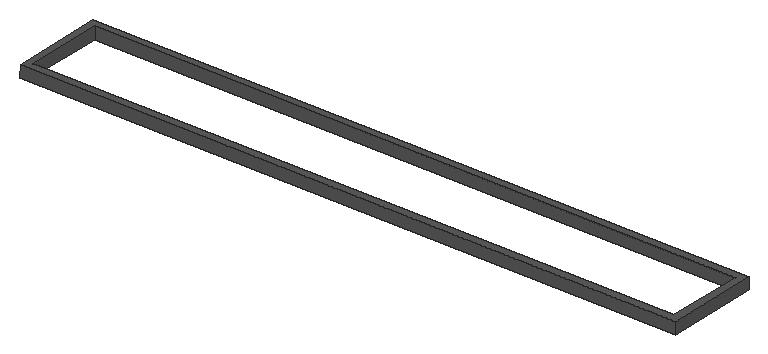
Revit family "FU_Frame_LAP0040", category Furniture, Revit 2022
Family settings
  OmniClass Number = 23.40.20.00
  OmniClass Title = General Furniture and Specialties
  Work Plane-Based = No
  Always vertical = Yes
  Cut with Voids When Loaded = No
  Render Appearance Source = Family Geometry
  Shared = No
  Room Calculation Point = No
Parameters (values of type "LAP0040")
  Width = 2730 mm
  URL = "https://www.sandlerseating.com/product/lapse-0040-2/"
  Model = "LAP0040"
  Manufacturer = "Sandler"
  Height = 50 mm
  Frame [instance] = Epoxy - M1_B00 - Black
  Description = "4-seat frame in the Lapse modular seating range that can be customized with a variety of modular elements and epoxy finishes."
  Depth = 380 mm
  Default Elevation = 0 mm
Reference planes
  plane 1 "Center (Front/Back)": y = 0
  plane 2: z = 0
  plane 3 "Center (Left/Right)": x = 0
  plane 4 "Right": x = -1365
  plane 5 "Left": x = 1365
  plane 6 "Back": y = 190
  plane 7 "Front": y = -190
  plane 8 "Height": z = 333
  plane 9 "Frame Base": z = 283
  plane 10 "Frame Inner Right": x = -1335
  plane 11 "Frame Inner Back": y = 160
  plane 12 "Frame Inner Left": x = 1335
  plane 13 "Frame Inner Front": y = -160
Forms (mm)
  Extrusion 1, solid, material "Epoxy - M1_B00 - Black" <- "Frame"
    sketch origin (0, 0, 283) x (-1, 0, 0) y (0, -1, 0)
      loop
        line (1365, -190) -> (1365, 190) -> (-1365, 190) -> (-1365, -190) -> (1365, -190)
      loop
        line (1335, -160) -> (1335, 160) -> (-1335, 160) -> (-1335, -160) -> (1335, -160)
    from 0 to 50
Dimensions and locks
  equal spacing: plane 4 "Right", plane 3 "Center (Left/Right)", plane 5 "Left"
  "Width": plane 4 "Right" to plane 5 "Left"
  equal spacing: plane 6 "Back", plane 1 "Center (Front/Back)", plane 7 "Front"
  "Depth": plane 6 "Back" to plane 7 "Front"
  plane 8 "Height" to level = 333 mm
  "Height": plane 8 "Height" to plane 9 "Frame Base"
  locked: plane 13 "Frame Inner Front" to plane 7 "Front" at 30
  locked: plane 4 "Right" to plane 10 "Frame Inner Right" at 30
  locked: plane 12 "Frame Inner Left" to plane 5 "Left" at 30
  locked: plane 6 "Back" to plane 11 "Frame Inner Back" at 30
  aligned and locked: Extrusion 1 sketch curve to plane 6 "Back"
  aligned and locked: Extrusion 1 sketch curve to plane 4 "Right"
  aligned and locked: plane 7 "Front" to Extrusion 1 sketch curve
  aligned and locked: plane 5 "Left" to Extrusion 1 sketch curve
  aligned and locked: Extrusion 1 sketch curve to plane 11 "Frame Inner Back"
  aligned and locked: plane 10 "Frame Inner Right" to Extrusion 1 sketch curve
  aligned and locked: Extrusion 1 sketch curve to plane 13 "Frame Inner Front"
  aligned and locked: plane 12 "Frame Inner Left" to Extrusion 1 sketch curve
  aligned and locked: plane 8 "Height" to Extrusion 1
  aligned and locked: Extrusion 1 to plane 8 "Height"  (x3)
  aligned and locked: Extrusion 1 to plane 9 "Frame Base"
  aligned and locked: plane 9 "Frame Base" to Extrusion 1  (x2)
